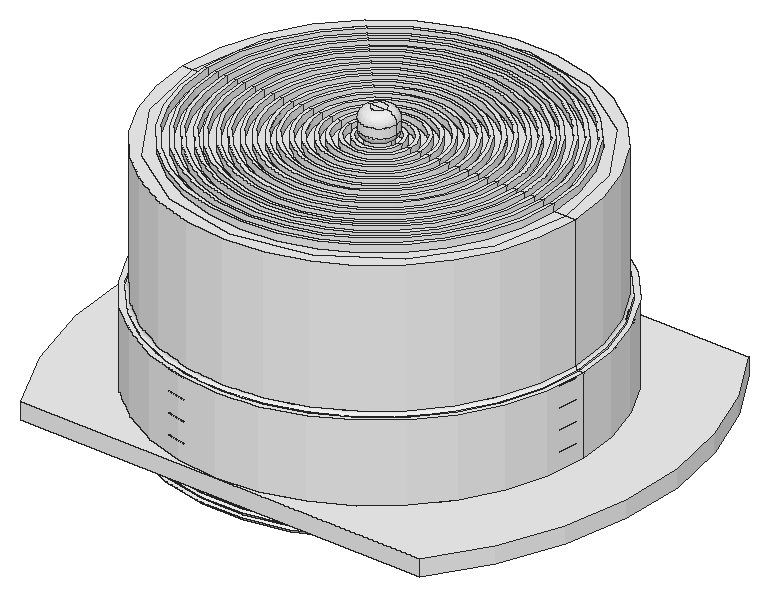
Revit family "50685_BEGA_Revit", category Lighting Fixtures, host Ceiling, Revit 2017
Family settings
  Host = Ceiling
  Round Connector Dimension = Use Diameter
  Part Type = Normal
  OmniClass Number = 23.80.70.11
  OmniClass Title = Luminaries for Internal Lighting
  Always vertical = Yes
  Cut with Voids When Loaded = No
  Light Source = Yes
  Shared = No
  Room Calculation Point = No
Parameters (values of type "STUDIO LINE - Recessed ceiling lumianires")
  Wattage = 8.33435 W
  built-in parameter 1150110 = 1 (stored number, unit not read)
  built-in parameter 1114217 = 1 (stored number, unit not read)
  Tilt Angle = 90.00°
  built-in parameter 1150109 = 1 (stored number, unit not read)
  built-in parameter 1150134 = 12
  built-in parameter 1150113 = 1 (stored number, unit not read)
  Photometric Web File = "50685.2K4_BEGA_IES.ies"
  Model = "50 685"
  Manufacturer = "BEGA North America"
  Lumens = 1238 lm
  built-in parameter 1150115 = 1 (stored number, unit not read)
  built-in parameter 1150105 = 98.517 (stored number, unit not read)
  built-in parameter 1150137 = (empty or 0)
  built-in parameter 1150139 = (empty or 0)
  built-in parameter 1150112 = 1 (stored number, unit not read)
  built-in parameter 1150114 = 1 (stored number, unit not read)
  built-in parameter 1150132 = 2
  built-in parameter 1150102 = (empty or 0)
  built-in parameter 1150138 = (empty or 0)
  built-in parameter 1150107 = 4000 (stored number, unit not read)
  built-in parameter 1150106 = 0.98517 (stored number, unit not read)
  built-in parameter 1150104 = 13.8 (stored number, unit not read)
  Dimming Lamp Color Temperature Shift = <None>
  Description = "STUDIO LINE - Recessed ceiling lumianires"
  Color Filter = 16777215
  built-in parameter 1114218 = 1 (stored number, unit not read)
  built-in parameter 1150133 = 10 (stored number, unit not read)
Types (3): name | Wattage | Photometric Web File | Lumens | built-in parameter 1150105 | built-in parameter 1150106 | Description
  (no name) | 8.33435 W | "50685.2K4_BEGA_IES.ies" | 1238 lm | 98.517 (stored number, unit not read) | 0.98517 (stored number, unit not read) | "STUDIO LINE - Recessed ceiling lumianires"
  Semi-Recessed ceiling luminaire | 23.2662 W | 0' - 0" | 3456 lm | 275.02 (stored number, unit not read) | 2.7502 (stored number, unit not read) | "Semi-Recessed ceiling luminaire"
  STUDIO LINE - Recessed ceiling lumianires | 8.33435 W | "50685.2K4_BEGA_IES.ies" | 1238 lm | 98.517 (stored number, unit not read) | 0.98517 (stored number, unit not read) | "STUDIO LINE - Recessed ceiling lumianires"
Reference planes (in)
  plane 1 "Light Source Axis (F/B)": y = 0
  plane 2 "Ceiling": z = 96
  plane 3 "Light Source Axis (L/R)": x = 0
  plane 4 "Light Source Elevation": z = 98.23115
Lines and regions (in)
  Opening 1
    outline origin (0, 0, 96) x (1, 0, 0) y (0, 1, 0)
      loop
        circle (0, 0) r 2.55166
Dimensions and locks (in)
  equal spacing: host sketch curve, plane 3 "Light Source Axis (L/R)", host sketch curve
  equal spacing: host sketch curve, plane 1 "Light Source Axis (F/B)", host sketch curve
  host sketch curve to host sketch curve = 10' - 0"  (x2)
  aligned and locked: plane 3 "Light Source Axis (L/R)" to imposter light
  aligned and locked: plane 1 "Light Source Axis (F/B)" to imposter light
  aligned and locked: plane 4 "Light Source Elevation" to imposter light
Nested families (in)
  nested 1: "50685" at (0, 0, 96), type "50685"
Definition of nested family "50685"
  Reference planes (in)
    plane 1 "Center (Front/Back)": y = 0
    plane 2: z = 0
    plane 3 "Center (Left/Right)": x = 0
  Forms (in)
    Revolve 1, solid
      sketch origin (0, 0, 0.14855) x (1, 0, 0) y (0, 0, 1)
        loop
          line (-2.57162, 3.22945) -> (-2.70298, 3.22945) -> (-2.70298, 1.4312)
          arc (-2.70298, 1.4312) -> (-2.71518, 1.4003) -> (-2.74521, 1.38609) r 0.04521
          line (-2.74521, 1.38609) -> (-2.74521, 1.28562)
          arc (-2.74521, 1.28562) -> (-2.69333, 1.23374) -> (-2.74521, 1.18186) r 0.05188
          line (-2.74521, 1.18186) -> (-2.74521, 1.11505) -> (-2.74521, 1.01458)
          arc (-2.74521, 1.01458) -> (-2.69333, 0.9627) -> (-2.74521, 0.91082) r 0.05188
          line (-2.74521, 0.91082) -> (-2.74521, 0.84401) -> (-2.74521, 0.74354)
          arc (-2.74521, 0.74354) -> (-2.69333, 0.69166) -> (-2.74521, 0.63978) r 0.05188
          line (-2.74521, 0.63978) -> (-2.74521, 0.57297) -> (-2.74521, 0.4725)
          arc (-2.74521, 0.4725) -> (-2.69333, 0.42062) -> (-2.74521, 0.36874) r 0.05188
          line (-2.74521, 0.36874) -> (-2.74521, 0.10592) -> (-2.71022, 0.05595) -> (-2.74521, 0.02096) -> (-2.71355, -0.0107) -> (-2.74521, -0.04237) -> (-2.71534, -0.07224) -> (-2.74521, -0.10211) -> (-2.7, -0.14732) -> (-2.65244, -0.14732) -> (-2.56442, 3.10445) -> (-2.414, 3.10445) -> (-2.414, 3.22945) -> (-2.57162, 3.22945)
        axis (0, -0.14732) -> (0, 3.22945)
      angle from 0 to 360
    Extrusion 2, solid
      sketch origin (0.27935, 0, 0) x (1, 0, 0) y (0, 1, 0)
        loop
          arc (-2.98985, 2.82944) -> (-3.76688, -0.0037) -> (-2.96333, -2.82943) r 5.46027
          line (-2.96333, -2.82943) -> (2.54317, -2.82943)
          arc (2.54317, -2.82943) -> (3.50397, 0) -> (2.54317, 2.82944) r 4.64657
          line (2.54317, 2.82944) -> (-2.98985, 2.82944)
      from 0.25448 to 0.47983
    Revolve 3, solid
      sketch origin (0.00129, 0, 0.12236) x (1, 0, 0) y (0, 0, 1)
        loop
          line (2.74493, 1.40864) -> (2.74493, 1.31194)
          arc (2.74493, 1.31194) -> (2.69258, 1.25958) -> (2.74493, 1.20722) r 0.05236
          line (2.74493, 1.20722) -> (2.74493, 1.04142)
          arc (2.74493, 1.04142) -> (2.69273, 0.98922) -> (2.74493, 0.93701) r 0.0522
          line (2.74493, 0.93701) -> (2.74493, 0.76908)
          arc (2.74493, 0.76908) -> (2.69354, 0.71769) -> (2.74493, 0.66629) r 0.05139
          line (2.74493, 0.66629) -> (2.74493, 0.49749)
          arc (2.74493, 0.49749) -> (2.69366, 0.44621) -> (2.74493, 0.39494) r 0.05128
          line (2.74493, 0.39494) -> (2.74493, 0.35747) -> (2.81791, 0.35747) -> (2.81791, 1.40864) -> (2.74493, 1.40864)
        axis (0, 1.40864) -> (0, 0.35747)
      angle from 0 to 360
    Extrusion 4, void
      sketch origin (0, 0, 0) x (1, 0, 0) y (0, 1, 0)
        loop
          circle (0, 0) r 2.37212
      from 0 to 0.56247
    Revolve 5, solid
      sketch origin (0, 0, 0) x (1, 0, 0) y (0, 0, 1)
        loop
          line (2.40911, 3.253) -> (2.40911, 3.469) -> (2.36088, 3.469) -> (2.36088, 3.371) -> (2.26641, 3.371) -> (2.26641, 3.469) -> (2.2231, 3.469) -> (2.2231, 3.371) -> (2.14175, 3.371) -> (2.14175, 3.469) -> (2.09604, 3.469) -> (2.09604, 3.371) -> (2.00156, 3.371) -> (2.00156, 3.469) -> (1.95826, 3.469) -> (1.95826, 3.371) -> (1.8996, 3.371) -> (1.8996, 3.469) -> (1.85389, 3.469) -> (1.85389, 3.371) -> (1.75941, 3.371) -> (1.75941, 3.469) -> (1.71611, 3.469) -> (1.71611, 3.371) -> (1.63476, 3.371) -> (1.63476, 3.469) -> (1.58905, 3.469) -> (1.58905, 3.371) -> (1.49457, 3.371) -> (1.49457, 3.469) -> (1.45127, 3.469) -> (1.45127, 3.371) -> (1.36991, 3.371) -> (1.36991, 3.469) -> (1.32421, 3.469) -> (1.32421, 3.371) -> (1.22973, 3.371) -> (1.22973, 3.469) -> (1.18643, 3.469) -> (1.18643, 3.371) -> (1.10507, 3.371) -> (1.10507, 3.469) -> (1.05937, 3.469) -> (1.05937, 3.371) -> (0.96489, 3.371) -> (0.96489, 3.469) -> (0.92159, 3.469) -> (0.92159, 3.371) -> (0.84023, 3.371) -> (0.84023, 3.469) -> (0.79453, 3.469) -> (0.79453, 3.371) -> (0.70005, 3.371) -> (0.70005, 3.469) -> (0.65675, 3.469) -> (0.65675, 3.371) -> (0.57539, 3.371) -> (0.57539, 3.469) -> (0.52968, 3.469) -> (0.52968, 3.371) -> (0.43521, 3.371) -> (0.43521, 3.469) -> (0.3919, 3.469) -> (0.3919, 3.371) -> (0.31055, 3.371) -> (0.31055, 3.469) -> (0.26484, 3.469) -> (0.26484, 3.371) -> (0.17036, 3.371) -> (0.17036, 3.47016)
          arc (0.17036, 3.47016) -> (0.21859, 3.50433) -> (0.23708, 3.56047) r 0.09448
          line (0.23708, 3.56047) -> (0.23708, 3.68522)
          arc (0.23708, 3.68522) -> (0.19672, 3.78265) -> (0.0993, 3.823) r 0.13778
          line (0.0993, 3.823) -> (0, 3.823) -> (0, 3.73437)
          arc (0, 3.73437) -> (0.09966, 3.63471) -> (0, 3.53505) r 0.09966
          line (0, 3.53505) -> (0, 3.1905) -> (2.49756, 3.1905) -> (2.59183, 0) -> (2.65278, 0) -> (2.55667, 3.253) -> (2.40911, 3.253)
        axis (0, 3.823) -> (0, 0)
      angle from 0 to 360
    Revolve 6, solid
      sketch origin (0, 0, 0.65397) x (1, 0, 0) y (0, 0, 1)
        loop
          arc (0, 1.57753) -> (0.25145, 1.65902) -> (0.40728, 1.87253) r 0.42864
          arc (0.40728, 1.87253) -> (1.26194, 1.40186) -> (1.96231, 0.72255) r 3.66843
          line (1.96231, 0.72255) -> (2.01355, 0.72255) -> (2.06251, 0.58804) -> (2.09122, 0.59907) -> (2.03682, 0.74381) -> (1.98534, 0.74381)
          arc (1.98534, 0.74381) -> (1.25299, 1.44716) -> (0.35701, 1.92491) r 3.69968
          arc (0.35701, 1.92491) -> (0.22837, 1.71998) -> (0, 1.64003) r 0.36614
          line (0, 1.64003) -> (0, 1.57753)
        axis (0, 1.92491) -> (0, 0.58804)
      angle from 0 to 360
    Revolve 7, solid
      sketch origin (0, 0, 3.522) x (1, 0, 0) y (0, 0, 1)
        loop
          line (2.01353, -2.14544) -> (1.94322, -2.14544) -> (2.433, -3.50548) -> (2.50332, -3.50548) -> (2.01353, -2.14544)
        axis (0, -2.14544) -> (0, -3.50548)
      angle from 0 to 360
    Revolve 8, solid
      sketch origin (-0.00196, 0, 3.40795) x (1, 0, 0) y (0, 0, 1)
        loop
          line (2.41512, -3.36024) -> (2.37017, -3.36024) -> (2.37017, -3.40795) -> (2.5497, -3.40795) -> (2.5497, -3.35154) -> (2.5079, -3.35154) -> (2.5079, -3.3915) -> (2.41512, -3.3915) -> (2.41512, -3.36024)
        axis (0, -3.35154) -> (0, -3.40795)
      angle from 0 to 360
  Cuts and joins
    Extrusion 4 cuts Extrusion 2
    Extrusion 4 cuts Revolve 3
    joined: Extrusion 2, Revolve 3
    Extrusion 4 cuts Revolve 1
  Dimensions and locks (in)
    aligned and locked: plane 2 to level
